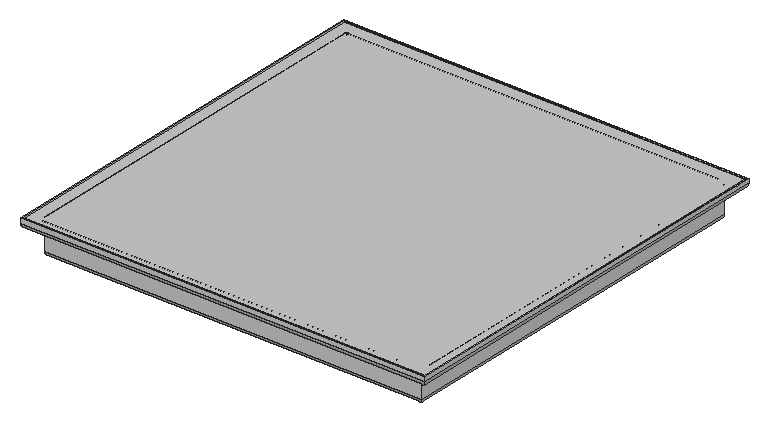
Revit family "Gorter RV 600x600mm", category Generic Models, host Face, Revit 2019
Family settings
  Host = Face
  Can host rebar = No
  Round Connector Dimension = Use Diameter
  Part Type = Normal
  Cut with Voids When Loaded = Yes
  Shared = Yes
  Room Calculation Point = No
Parameters (values of type "RV 600x600mm")
  vullen_met_beton = "ja"  # constant formula
  vergrendeling = "nee"  # constant formula
  uitwendige_lengte = 705 mm
  uitwendige_breedte = 705 mm
  sluiting = "4"  # constant formula
  scharnierend = "nee"  # constant formula
  rubberen_afdichting = "enkel"  # constant formula
  productgroep = ""
  materiaal = bcb_staal
  inbouwhoogte [instance] = 75 mm
  geïsoleerd = "nee"  # constant formula
  gewicht = "29"
  gasdrukveer = "nee"  # constant formula
  brandwerend 90 min = "nee"  # constant formula
  binnenmaat_lengte = uitwendige_lengte - 105 mm  # 600 mm
  binnenmaat_breedte = uitwendige_breedte - 105 mm  # 600 mm
  binnenluik = "tbv betonvulling"  # constant formula
  belasting = "15 kN"  # constant formula
  URL = ""
  Model = "RV"  # constant formula
  Manufacturer = "Gorter"  # constant formula
  Description = "RV 66"
  Default Elevation = 0 mm
Types (6, lengths in mm): name | uitwendige_lengte | uitwendige_breedte | gewicht | binnenmaat_lengte | binnenmaat_breedte | Description
  (no name) | 705 | 705 | "29" | 600 | 600 | "RV 66"
  RV 600x400mm | 505 | 705 | "22" | 400 | 600 | "RV 64"
  RV 600x600mm | 705 | 705 | "29" | 600 | 600 | "RV 66"
  RV 800x600mm | 705 | 905 | "37" | 600 | 800 | "RV 86"
  RV 800x800mm | 905 | 905 | "45" | 800 | 800 | "RV 88"
  RV 1000x1000mm | 1105 | 1105 | "45" | 1000 | 1000 | "RV 110"
Reference planes
  plane 1 "Center (Front/Back)": y = 0
  plane 2: z = 0
  plane 3 "Center (Left/Right)": x = 0
  plane 4: y = 352.5
  plane 5: y = -352.5
  plane 6: x = 352.5
  plane 7: x = -352.5
  plane 8: z = -75
  plane 9: x = -300
  plane 10: y = 300
  plane 11: y = -300
  plane 12: x = 300
  plane 13: x = -190.5
  plane 14: x = 190.5
  plane 15: y = -190.5
  plane 16: y = 190.5
  plane 17: x = -350.5
  plane 18: x = 350.5
  plane 19: y = 350.5
  plane 20: y = -350.5
Forms (mm)
  Sweep 1, solid, material "bcb_staal" <- "materiaal", detail levels medium+fine
    path origin (0, 0, 0) x (1, 0, 0) y (0, 1, 0)
      loop
        line (-352.5, 352.5) -> (-352.5, -352.5) -> (352.5, -352.5) -> (352.5, 352.5) -> (-352.5, 352.5)
    profile origin (-352.5, 0, 0) x (-1, 0, 0) y (0, 0, 1)
      loop
        line (-2.047, 0) -> (-2.047, -8.5)
        arc (-2.047, -8.5) -> (-5.504, -13.256) -> (-11.095, -11.435) r 5
        line (-11.095, -11.435) -> (-14.687, -6.482)
        arc (-14.687, -6.482) -> (-21.396, -4.292) -> (-25.547, -10) r 6
        line (-25.547, -10) -> (-25.547, -55.5)
        arc (-25.547, -55.5) -> (-26.28, -57.268) -> (-28.047, -58) r 2.5
        line (-28.047, -58) -> (-52.5, -58) -> (-52.5, -60) -> (-28.547, -60)
        arc (-28.547, -60) -> (-25.012, -58.536) -> (-23.547, -55) r 5
        line (-23.547, -55) -> (-23.547, -10)
        arc (-23.547, -10) -> (-20.781, -6.195) -> (-16.308, -7.654) r 4
        line (-16.308, -7.654) -> (-12.714, -12.609)
        arc (-12.714, -12.609) -> (-4.887, -15.158) -> (-0.047, -8.5) r 7
        line (-0.047, -8.5) -> (-0.047, 0) -> (-2.047, 0)
  Sweep 2, solid, material "bcb_staal" <- "materiaal", detail levels coarse
    path origin (0, 0, 0) x (1, 0, 0) y (0, 1, 0)
      loop
        line (-352.5, 352.5) -> (-352.5, -352.5) -> (352.5, -352.5) -> (352.5, 352.5) -> (-352.5, 352.5)
    profile origin (-352.5, 0, 0) x (-1, 0, 0) y (0, 0, 1)
      loop
        line (-0.047, 0) -> (-25.547, 0) -> (-25.547, -56) -> (-52.5, -56) -> (-52.5, -60) -> (-23.547, -60) -> (-23.547, -15.5) -> (-0.047, -15.5) -> (-0.047, 0)
  Extrusion 3, void
    sketch origin (0, 0, 0) x (1, 0, 0) y (0, 1, 0)
      loop
        line (-190.5, -190.5) -> (190.5, -190.5) -> (190.5, 190.5) -> (-190.5, 190.5) -> (-190.5, -190.5)
    from -500 to 10
  Sweep 4, void
    path origin (0, 0, 0) x (1, 0, 0) y (0, 1, 0)
      loop
        line (-352.5, 352.5) -> (-352.5, -352.5) -> (352.5, -352.5) -> (352.5, 352.5) -> (-352.5, 352.5)
    profile origin (-352.5, 0, 0) x (-1, 0, 0) y (0, 0, 1)
      loop
        line (-23.547, -60) -> (-23.547, -15.5) -> (0, -15.5) -> (0, 5) -> (-162, 5) -> (-162, -365) -> (-52.5, -365) -> (-52.5, -60) -> (-23.547, -60)
  Extrusion 5, solid, material "bcb_staal"
    sketch origin (0, 0, 0) x (1, 0, 0) y (0, 1, 0)
      loop
        line (-350.5, 350.5) -> (-350.5, -350.5) -> (350.5, -350.5) -> (350.5, 350.5) -> (-350.5, 350.5)
    from -4 to -1
Dimensions and locks
  equal spacing: plane 7, plane 3 "Center (Left/Right)", plane 6
  "uitwendige_breedte": plane 7 to plane 6
  equal spacing: plane 4, plane 1 "Center (Front/Back)", plane 5
  "uitwendige_lengte": plane 4 to plane 5
  locked: plane 4 to plane 10 at 52.5
  locked: plane 7 to plane 9 at 52.5
  locked: plane 12 to plane 6 at 52.5
  locked: plane 5 to plane 11 at 52.5
  locked: plane 9 to plane 13 at 109.5
  locked: plane 14 to plane 12 at 109.5
  locked: plane 15 to plane 11 at 109.5
  locked: plane 10 to plane 16 at 109.5
  locked: plane 18 to plane 6 at 2
  locked: plane 7 to plane 17 at 2
  locked: plane 4 to plane 19 at 2
  locked: plane 20 to plane 5 at 2
  aligned and locked: plane 2 to host face
  aligned and locked: level to host face
  aligned and locked: Sweep 1 sketch curve to plane 4
  aligned and locked: plane 7 to Sweep 1 sketch curve
  aligned and locked: plane 5 to Sweep 1 sketch curve
  aligned and locked: Sweep 1 sketch curve to plane 6
  aligned and locked: Extrusion 3 to plane 16
  aligned and locked: Extrusion 3 to plane 14
  aligned and locked: Extrusion 3 to plane 15
  aligned and locked: Extrusion 3 to plane 13
  aligned and locked: Sweep 4 sketch curve to plane 4
  aligned and locked: Sweep 4 sketch curve to plane 6
  aligned and locked: plane 5 to Sweep 4 sketch curve
  aligned and locked: plane 7 to Sweep 4 sketch curve
  aligned and locked: Extrusion 5 sketch curve to plane 19
  aligned and locked: plane 17 to Extrusion 5 sketch curve
  aligned and locked: plane 20 to Extrusion 5 sketch curve
  aligned and locked: Extrusion 5 sketch curve to plane 18
Automatic sketch dimensions
  host sketch curve to host sketch curve = 2000 mm  (x2)
  Extrusion 3 sketch curve to plane 11 = 109.5 mm
  Extrusion 3 sketch curve to plane 1 "Center (Front/Back)" = 190.5 mm
  Extrusion 3 sketch curve to plane 13 = 0 mm
  Extrusion 3 sketch curve to plane 14 = 0 mm
  Sweep 2 sketch curve to plane 5 = 0 mm
  Sweep 2 sketch curve to plane 7 = 0 mm
  Sweep 2 sketch curve to plane 6 = 0 mm
  Sweep 2 sketch curve to plane 4 = 0 mm
  Sweep 4 sketch curve to profile plane = 0 mm
  level to Sweep 4 sketch curve = 5 mm
  profile plane to Sweep 4 sketch curve = 23.547 mm
  Sweep 4 sketch curve to level = 15.5 mm
  Sweep 4 sketch curve to Sweep 4 sketch curve = 44.5 mm
  Sweep 4 sketch curve to Sweep 4 sketch curve = 305 mm
  Sweep 4 sketch curve to Sweep 4 sketch curve = 28.953 mm
  Sweep 4 sketch curve to Sweep 4 sketch curve = 109.5 mm
  Sweep 2 sketch curve to level = 0 mm
  profile plane to Sweep 2 sketch curve = 52.5 mm
  profile plane to Sweep 2 sketch curve = 25.547 mm
  Sweep 2 sketch curve to Sweep 2 sketch curve = 2 mm
  profile plane to Sweep 2 sketch curve = 0.047 mm
  Sweep 2 sketch curve to level = 15.5 mm
  Sweep 2 sketch curve to Sweep 2 sketch curve = 40.5 mm
  Sweep 2 sketch curve to Sweep 2 sketch curve = 4 mm
  Sweep 1 sketch curve to Sweep 1 sketch curve = 0 mm  (x4)
  Sweep 1 sketch curve to level = 0 mm
  profile plane to Sweep 1 sketch curve = 52.5 mm
  Sweep 1 sketch curve to Sweep 1 sketch curve = 23.953 mm
  Sweep 1 sketch curve to Sweep 1 sketch curve = 0.5 mm  (x2)
  Sweep 1 sketch curve to Sweep 1 sketch curve = 2.5 mm
  Sweep 1 sketch curve to Sweep 1 sketch curve = 2 mm
  Sweep 1 sketch curve to Sweep 1 sketch curve = 4 mm
  Sweep 1 sketch curve to level = 7.654 mm
  Sweep 1 sketch curve to Sweep 1 sketch curve = 3.24 mm
  Sweep 1 sketch curve to level = 6.482 mm
  Sweep 1 sketch curve to Sweep 1 sketch curve = 3.593 mm
  Sweep 1 sketch curve to Sweep 1 sketch curve = 1.619 mm
  Sweep 1 sketch curve to Sweep 1 sketch curve = 4.048 mm
  profile plane to Sweep 1 sketch curve = 2.047 mm
  profile plane to Sweep 1 sketch curve = 0.047 mm
  Sweep 1 sketch curve to Sweep 1 sketch curve = 4.953 mm
  Sweep 1 sketch curve to Sweep 1 sketch curve = 42.391 mm
